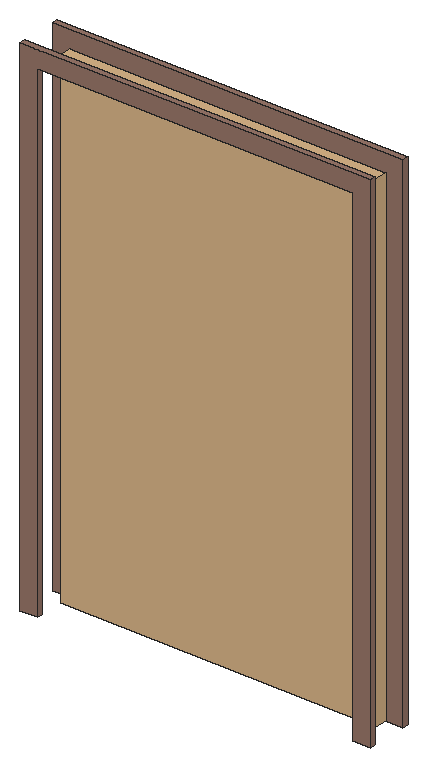
Revit family
Parameters (values of type "1372 x 2134mm")
  Width = 1372.00 mm
  Thickness = 51.00 mm
  문 재료 = 문 - 패널
  프레임 재료 = 문 - 프레임
  Height = 2134.00 mm
  자르기 투영 외부 = 25.00 mm
  자르기 투영 내부 = 25.00 mm
  자르기 폭 = 76.00 mm
  Wall Closure = (empty or 0)
  폭_크게 = 1016.00 mm
  폭_작게 = Width - 폭_크게  # 356.00 mm
Types (6, lengths in mm): name | Width | Height | 폭_크게 | 폭_작게
  1321 x 2134mm | 1321.00 | 2134.00 | 966.00 | 355.00
  1372 x 2032mm | 1372.00 | 2032.00 | 1016.00 | 356.00
  1372 x 2134mm | 1372.00 | 2134.00 | 1016.00 | 356.00
  1220 x 2032mm | 1220.00 | 2032.00 | 865.00 | 355.00
  1118 x 2032mm | 1118.00 | 2032.00 | 763.00 | 355.00
  1270 x 2134mm | 1270.00 | 2134.00 | 915.00 | 355.00
Reference planes
  plane 1: y = 0
  plane 2: z = 0
  plane 3 "중심": x = -254
  plane 4 "왼쪽": x = -1270
  plane 5 "오른쪽": x = 102
  plane 6 "상단": z = 2134
Forms (mm)
  Extrusion 1, solid, material "문 - 프레임" <- "프레임 재료"
    sketch origin (-2286, 76.2, 0) x (-1, 0, 0) y (0, 0, 1)
      loop
        line (-2388, 2134) -> (-1016, 2134) -> (-1016, 0) -> (-940, 0) -> (-940, 2210) -> (-2464, 2210) -> (-2464, 0) -> (-2388, 0) -> (-2388, 2134)
    from 0 to 25
  Extrusion 2, solid, material "문 - 프레임" <- "프레임 재료"
    sketch origin (-2286, -76.2, 0) x (1, 0, 0) y (0, 0, 1)
      loop
        line (1016, 0) -> (1016, 2134) -> (2388, 2134) -> (2388, 0) -> (2464, 0) -> (2464, 2210) -> (940, 2210) -> (940, 0) -> (1016, 0)
    from 0 to 25
  Extrusion 3, solid, material "문 - 패널" <- "문 재료"
    sketch origin (0, 0, 0) x (1, 0, 0) y (0, 1, 0)
      loop
        line (-1270, 76.2) -> (-1270, 25.2) -> (102, 25.2) -> (102, 76.2) -> (-1270, 76.2)
    from 0 to 2134
Lines and regions (mm)
  Opening 1
    outline origin (-2286, -76.2, 0) x (1, 0, 0) y (0, 0, 1)
      loop
        line (1016, 0) -> (2388, 0) -> (2388, 2134) -> (1016, 2134) -> (1016, 0)
  symbolic lines, style "평면 스윙"
    curve 1: arc (-254, 76.2, 0) -> (-551.58, 794.62, 0) -> (-1270, 1092.2, 0) r 1016
    curve 12: arc (-254, 76.2, 0) -> (-149.73, 327.93, 0) -> (102, 432.2, 0) r 356
  symbolic lines, style "DoorsPanelProjection"
    curve 2: line (-1270, 76.2, 0) -> (-1219, 76.2, 0)
    curve 3: line (-1270, 76.2, 0) -> (-1270, 1090.798, 0)
    curve 4: line (-1270, 1090.798, 0) -> (-1216.651, 1090.798, 0)
    curve 5: line (-1219, 76.2, 0) -> (-1219, 1090.919, 0)
    curve 8: line (102, 76.2, 0) -> (51, 76.2, 0)
    curve 9: line (102, 76.2, 0) -> (102, 432.2, 0)
    curve 10: line (102, 432.2, 0) -> (51, 432.2, 0)
    curve 11: line (51, 76.2, 0) -> (51, 432.2, 0)
  model lines, style "DoorsPanelProjection"
    curve 6: line (-254, 76.2, 2134) -> (-254, 76.2, 0)
    curve 7: line (-254, 25.2, 2134) -> (-254, 25.2, 0)
  symbolic lines, style "입면도 스윙"
    curve 13: line (-254, 0, 2134) -> (-1270, 0, 1067)
    curve 14: line (-1270, 0, 1067) -> (-254, 0, 0)
    curve 15: line (-254, 0, 2134) -> (102, 0, 1067)
    curve 16: line (102, 0, 1067) -> (-254, 0, 0)
Text (mm)
  text "외부" at (-1852.85, 748.929, 0), in view "바닥 선"
  text "내부" at (-1852.85, -701.767, 0), in view "바닥 선"
  text "외부" at (0, 1019.848, 3124.603), in view "오른쪽"
  text "내부" at (0, -1635.541, 3124.603), in view "오른쪽"
  text "내부" at (0, -762.224, 2974.944), in view "왼쪽"
  text "외부" at (0, 1135.773, 2974.944), in view "왼쪽"
Dimensions and locks
  "자르기 폭": Extrusion 2 sketch curve to plane 4 "왼쪽"
  "자르기 폭": Extrusion 2 sketch curve to plane 5 "오른쪽"
  "자르기 폭": Extrusion 2 sketch curve to plane 6 "상단"
  "자르기 폭": Extrusion 1 sketch curve to Extrusion 1 sketch curve  (x2)
  "자르기 폭": Extrusion 1 sketch curve to plane 6 "상단"
  "자르기 투영 내부": Extrusion 2 to host wall
  "자르기 투영 외부": Extrusion 1 to host wall
  plane 4 "왼쪽" to plane 3 "중심" to plane 5 "오른쪽" = 1016.00 mm, 356.00 mm
  "Thickness": curve 5 to curve 3
  "Thickness": Extrusion 1 to Extrusion 3 sketch curve
  "폭_크게": plane 4 "왼쪽" to plane 3 "중심"
  "폭_작게": plane 3 "중심" to plane 5 "오른쪽"
  level to plane 2 = 0.00 mm
  "Thickness": curve 11 to plane 5 "오른쪽"
  "Height": plane 6 "상단" to level
  equal spacing: level, curve 14, plane 6 "상단"
  equal spacing: level, curve 16, plane 6 "상단"
  aligned and locked: plane 4 "왼쪽" to Opening 1 sketch curve
  aligned and locked: plane 6 "상단" to Opening 1 sketch curve  (x2)
  aligned and locked: Opening 1 sketch curve to plane 5 "오른쪽"
  aligned and locked: Opening 1 sketch curve to level
  aligned and locked: plane 6 "상단" to Extrusion 1 sketch curve  (x2)
  aligned and locked: plane 4 "왼쪽" to Extrusion 1 sketch curve
  aligned and locked: Extrusion 1 sketch curve to plane 4 "왼쪽"
  aligned and locked: level to Extrusion 1 sketch curve
  aligned and locked: plane 5 "오른쪽" to Extrusion 1 sketch curve
  aligned and locked: Extrusion 1 to host wall
  aligned and locked: plane 4 "왼쪽" to Extrusion 2 sketch curve
  aligned and locked: plane 6 "상단" to Extrusion 2 sketch curve  (x2)
  aligned and locked: plane 5 "오른쪽" to Extrusion 2 sketch curve  (x2)
  aligned and locked: level to Extrusion 2 sketch curve
  aligned and locked: Extrusion 2 sketch curve to level
  aligned and locked: Extrusion 2 to host wall
  aligned and locked: Extrusion 1 to Extrusion 3 sketch curve
  aligned and locked: Extrusion 3 to host wall
  aligned and locked: curve 8 to Extrusion 3
  aligned and locked: curve 8 to Extrusion 1
  aligned and locked: plane 5 "오른쪽" to host wall  (x2)
  aligned and locked: Extrusion 1 sketch curve to level
  aligned and locked: Extrusion 2 sketch curve to Extrusion 1
  aligned and locked: Extrusion 1 to curve 2
  aligned and locked: level to plane 2
Automatic sketch dimensions
  Extrusion 3 sketch curve to plane 4 "왼쪽" = 0.00 mm
  Extrusion 3 sketch curve to plane 5 "오른쪽" = 0.00 mm
  curve 1 to plane 4 "왼쪽" = 0.00 mm
  curve 2 to plane 4 "왼쪽" = 0.00 mm
  curve 1 to plane 3 "중심" = 0.00 mm
  curve 12 to plane 3 "중심" = 0.00 mm
  curve 5 to curve 4 = 2.349 mm
  curve 2 to curve 1 = 0.00 mm
  curve 15 to plane 3 "중심" = 0.00 mm
  curve 15 to plane 6 "상단" = 0.00 mm
  curve 7 to plane 3 "중심" = 0.00 mm
  curve 7 to plane 6 "상단" = 0.00 mm
  curve 6 to plane 3 "중심" = 0.00 mm
  curve 6 to plane 6 "상단" = 0.00 mm
  curve 13 to plane 4 "왼쪽" = 0.00 mm
  curve 15 to plane 5 "오른쪽" = 0.00 mm
  curve 7 to level = 0.00 mm
  curve 6 to level = 0.00 mm
  curve 16 to level = 0.00 mm
  curve 14 to plane 3 "중심" = 0.00 mm
